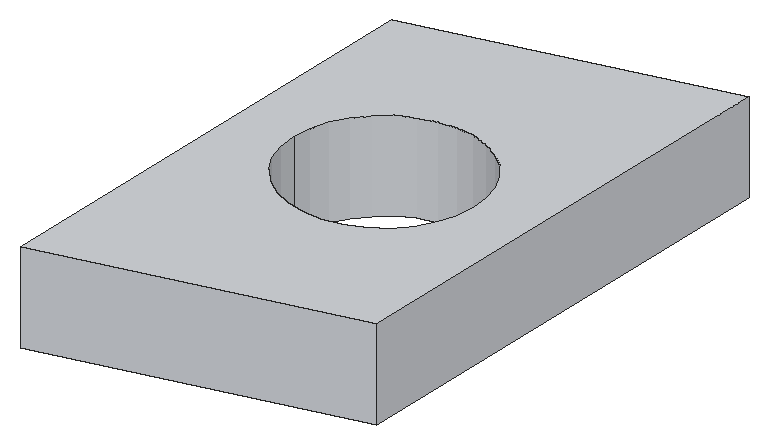
Revit family "Gewindeplatte 28x15", category HLS-Bauteile, Revit 2017
Family settings
  Bemaßung runder Anschluss = Durchmesser verwenden
  Teiletyp = Normal
  Arbeitsebenenbasiert = Ja
  Immer vertikal = Nein
  Beim Laden mit Abzugskörper schneiden = Nein
  Gemeinsam genutzt = Ja
  Raumberechnungspunkt = Nein
Parameters (values of type "Gewindeplatte 28x15 M 8")
  vpe = "100 St"
  für Gewinde = ""
  d2 = 4 mm
  Default Elevation = 1219.2 mm
  Stärke = 0 mm
  Regelhalter [instance] = ""
  Profiltyp = "27"
  Oberflaeche = "galvanisch verzinkt"
  Mengeneinheit = "St"
  Materialname = "S235"
  Material = "Stahl"
  Länge = 24 mm
  Lochdurchmesser = ""
  Kurztext2 = "M8 28x15 gvz"
  Kurztext1 = "Gewindeplatte"
  Gewicht pro Bauteil = Gewicht  # 0.0071 kg
  Gewicht = 0.0071 kg
  Firma = "MEFA Befestigungs- und Montagesysteme GmbH"
  Fabrikat = "MEFA"
  EAN = "4250928417121"
  Breite = 13 mm
  Artikelnummer = "0750069"
Reference planes
  plane 1 "Mitte (Vorne/hinten)": y = 0
  plane 2: z = 0
  plane 3 "Mitte (Links/rechts)": x = 0
Forms (mm)
  Extrusion 1, solid, detail levels fine
    sketch origin (-17.5, 0, 0) x (1, 0, 0) y (0, 1, 0)
      loop
        line (11, 8.517) -> (11, -12) -> (24, -8.517) -> (24, 12) -> (11, 8.517)
    from 0 to 4
  Extrusion 2, solid, detail levels coarse+medium
    sketch origin (-17.5, 0, 0) x (1, 0, 0) y (0, 1, 0)
      loop
        line (11, 8.517) -> (11, -12) -> (24, -8.517) -> (24, 12) -> (11, 8.517)
    from 0 to 4
  Extrusion 3, void
    sketch origin (0, 0, 0) x (1, 0, 0) y (0, 1, 0)
      loop
        circle (0, 0) r 4
    from 0 to 20
Cuts and joins
  Extrusion 3 cuts Extrusion 1
  Extrusion 3 cuts Extrusion 2
Lines and regions (mm)
  model lines
    curve 1: line (-10, 0, 0) -> (10, 0, 0)
    curve 2: line (0, 10, 0) -> (0, -10, 0)
    curve 3: line (0, 0, 10) -> (0, 0, -10)
Dimensions and locks
  "d2": radius of Extrusion 3 sketch curve
  aligned and locked: level to plane 2
Automatic sketch dimensions
  Extrusion 1 sketch curve to plane 3 "Mitte (Links/rechts)" = 6.5 mm
  plane 3 "Mitte (Links/rechts)" to Extrusion 1 sketch curve = 6.5 mm
  plane 1 "Mitte (Vorne/hinten)" to Extrusion 1 sketch curve = 12 mm
  plane 1 "Mitte (Vorne/hinten)" to Extrusion 1 sketch curve = 8.517 mm
  Extrusion 1 sketch curve to plane 1 "Mitte (Vorne/hinten)" = 8.517 mm
  Extrusion 1 sketch curve to plane 1 "Mitte (Vorne/hinten)" = 12 mm
  Extrusion 2 sketch curve to plane 3 "Mitte (Links/rechts)" = 6.5 mm
  plane 3 "Mitte (Links/rechts)" to Extrusion 2 sketch curve = 6.5 mm
  plane 1 "Mitte (Vorne/hinten)" to Extrusion 2 sketch curve = 12 mm
  plane 1 "Mitte (Vorne/hinten)" to Extrusion 2 sketch curve = 8.517 mm
  Extrusion 2 sketch curve to plane 1 "Mitte (Vorne/hinten)" = 8.517 mm
  Extrusion 2 sketch curve to plane 1 "Mitte (Vorne/hinten)" = 12 mm
  plane 1 "Mitte (Vorne/hinten)" to Extrusion 3 sketch curve = 0 mm
  Extrusion 3 sketch curve to plane 3 "Mitte (Links/rechts)" = 0 mm
  plane 1 "Mitte (Vorne/hinten)" to curve 1 = 0 mm
  curve 2 to plane 3 "Mitte (Links/rechts)" = 0 mm
  curve 1 to plane 3 "Mitte (Links/rechts)" = 10 mm
  plane 3 "Mitte (Links/rechts)" to curve 1 = 10 mm
  plane 1 "Mitte (Vorne/hinten)" to curve 2 = 10 mm
  curve 2 to plane 1 "Mitte (Vorne/hinten)" = 10 mm
  curve 3 to plane 3 "Mitte (Links/rechts)" = 0 mm
  curve 3 to level = 10 mm
  level to curve 3 = 10 mm
